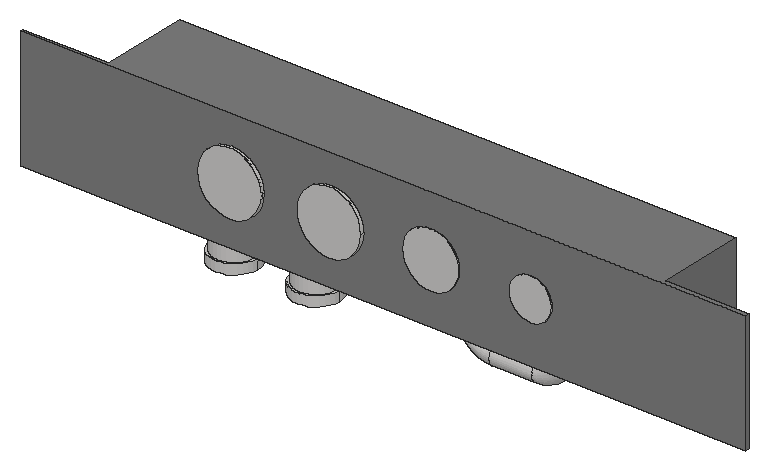
Revit family "5400NVA3", category Generic Models, Revit 2021
Family settings
  Can host rebar = No
  Round Connector Dimension = Use Diameter
  Part Type = Normal
  Work Plane-Based = No
  Always vertical = Yes
  Cut with Voids When Loaded = No
  Shared = No
  Room Calculation Point = No
Parameters (values of type "Standard")
  e-mail = "info@vola.com"
  URL = "http://vola.com"
  Telephone = "+45 7023 5500"
  Quality management standard = "ISO 9001"
  Organisation no. / DUNS no. = "17531328"
  Occupational health and safety management standard = "ISO 18001"
  Mounting Instructions = "http://vola.com/service/producturl.ashx?name=5400NV"
  Model = "5400NVA3"
  Materials and components information = "http://vola.com/service/producturl.ashx?name=5400NV"
  Manufacturer = "VOLA A/S"
  Maintenance Instructions = "http://vola.com/service/producturl.ashx?name=5400NV"
  Guarantee = "2 years"
  Flow = "43,00 l/min"
  Environmental management standard = "ISO 14000"
  Default Elevation = 0.00 mm
  Connection - All relevant connections = ""
  Approvals = "http://vola.com/service/producturl.ashx?name=5400NV"
Reference planes
  plane 1 "Center (Front/Back)": y = 0
  plane 2: z = 0
  plane 3 "Center (Left/Right)": x = 0
  plane 4 "Inlet Center Plane": y = -29
  plane 5: z = 0
Forms (mm)
  Extrusion 1, solid, material "Default"
    sketch origin (10, 0, -69) x (1, 0, 0) y (0, 1, 0)
      loop
        line (-147.5, 0) -> (-147.5, -69) -> (288.5, -69) -> (288.5, 0) -> (-147.5, 0)
    from 21.5 to 116.5
  Extrusion 2, solid, material "Default"
    sketch origin (10, -1, -69) x (1, 0, 0) y (0, 1, 0)
      loop
        line (-215, -68) -> (-215, -70.5) -> (353.5, -70.5) -> (353.5, -68) -> (-215, -68)
    from 21.5 to 116.5
  Extrusion 3, solid, material "Stainless Steel"
    sketch origin (-59, -4, -47.5) x (0, 1, 0) y (1, 0, 0)
      loop
        circle (-25, -12) r 16.5
    from 0 to 29.77
  Extrusion 4, solid, material "Stainless Steel"
    sketch origin (5, -4, -47.5) x (0, 1, 0) y (1, 0, 0)
      loop
        circle (-25, -12) r 16.5
    from 0 to 29.77
  Extrusion 5, solid, material "Stainless Steel"
    sketch origin (-51.5, -71.5, -69) x (-1, 0, 0) y (0, 0, -1)
      loop
        circle (-12.5, -69) r 24.89
    from 0 to 2.5
  Extrusion 6, solid, material "Stainless Steel"
    sketch origin (26.5, -71.5, -69) x (-1, 0, 0) y (0, 0, -1)
      loop
        circle (-12.5, -69) r 24.89
    from 0 to 2.5
  Extrusion 7, solid, material "Stainless Steel"
    sketch origin (65.5, -71.5, -69) x (-1, 0, 0) y (0, 0, -1)
      loop
        circle (-51.5, -69) r 22
    from 0 to 0.26
  Extrusion 8, solid, material "Stainless Steel"
    sketch origin (-59, -4, -77.27) x (-1, 0, 0) y (0, 1, 0)
      loop
        circle (12, -25) r 18.5
    from 0 to 7.73
  Extrusion 9, solid, material "Stainless Steel"
    sketch origin (5, -4, -77.27) x (-1, 0, 0) y (0, 1, 0)
      loop
        circle (12, -25) r 18.5
    from 0 to 7.73
  Sweep 10, solid, material "Stainless Steel"
    path origin (92, -35.26, 1134.2) x (-1, 0, 0) y (0, 0, 1)
      loop
        line (-25, -1181.7) -> (-25, -1186.2)
        arc (-25, -1186.2) -> (-31.59, -1202.11) -> (-47.5, -1208.7) r 22.5
        line (-47.5, -1208.7) -> (-80.5, -1208.7)
        arc (-80.5, -1208.7) -> (-96.41, -1202.11) -> (-103, -1186.2) r 22.5
        line (-103, -1186.2) -> (-103, -1181.7)
    profile origin (117, -35.26, -49.75) x (0, 1, 0) y (-1, 0, 0)
      loop
        circle (0, 0) r 7.5
  Extrusion 11, solid, material "Stainless Steel"
    sketch origin (143.5, -71.5, -69) x (-1, 0, 0) y (0, 0, -1)
      loop
        circle (-51.5, -69) r 16.5
    from 0 to 0.26
Cuts and joins
  joined: Extrusion 1, Extrusion 2
Lines and regions (mm)
  reference lines
    curve 1: line (117, -29, 0) -> (117, -121.5, 0)
    curve 2: line (39, -29, 0) -> (39, -121.5, 0)
    curve 3: line (-39, -29, 0) -> (-39, -121.5, 0)
    curve 4: line (-71, -29, 0) -> (-71, -29, -99)
    curve 5: line (-7, -29, 0) -> (-7, -29, -99)
    curve 6: line (117, -35.26, 97.5) -> (117, -35.26, -97.5)
    curve 7: line (195, -29, 0) -> (195, -121.5, 0)
Dimensions and locks
  aligned and locked: plane 2 to level
  aligned and locked: Extrusion 1 to Extrusion 2
  aligned and locked: Extrusion 2 to Extrusion 1
